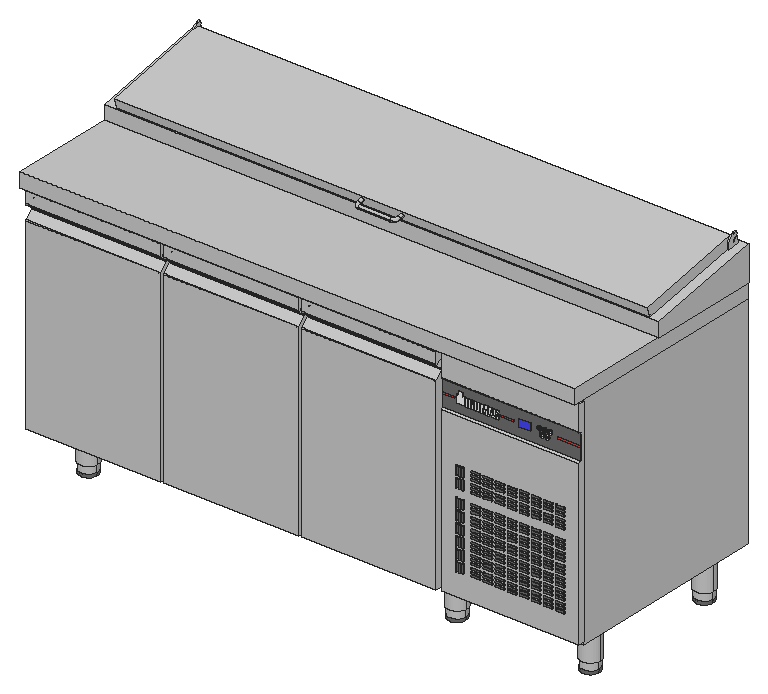
Revit family "QF_INOMAK_ZPZP999_250612092413", category Specialty Equipment, Revit 2021
Family settings
  Round Connector Dimension = Use Diameter
  Part Type = Normal
  OmniClass Number = 23.40.40.14
  OmniClass Title = Food Service Equipment
  Work Plane-Based = No
  Always vertical = Yes
  Cut with Voids When Loaded = No
  Shared = No
  Room Calculation Point = No
Parameters (values of type "ZPZP999")
  Weight [instance] = 139.00 kg
  Warranty Start Date [instance] = ""
  Warranty Duration [instance] = ""
  Volts [instance] = 230 V
  Volt Free Conn [instance] = no
  URL Recommended Spares List [instance] = ""
  URL Manufacturer [instance] = ""
  URL Cutsheet [instance] = ""
  URL Critical Spares List [instance] = ""
  URL = "www.inomak.com"
  Technical Documentation [instance] = ""
  Tag Number [instance] = ""
  Status [instance] = ""
  Start Up Current [instance] = 0 A
  Specification by User [instance] = ""
  Specification by Manufacturer [instance] = ""
  Sound Level [instance] = ""
  Show Logo [instance] = yes
  Show Clearances [instance] = yes
  Service Life Duration [instance] = ""
  Serial Number [instance] = ""
  Seismic Rating [instance] = ""
  SMACNA No [instance] = ""
  Revision Code [instance] = ""
  Revision [instance] = ""
  Production Year [instance] = ""
  Potential Equalisation [instance] = no
  Point Load [instance] = 0
  Phase [instance] = 1
  Other Equipment Approvals [instance] = ""
  Operational Current [instance] = 0 A
  Number of Poles [instance] = 2
  No Load Power Draw [instance] = no
  NAFEM Spec ID Number [instance] = ""
  Model Warning [instance] = ""
  Model = "ZPZP999"
  Min Ckt Ampacity [instance] = 0 A
  Max Overcurrent Protection [instance] = 10 A
  Masterspec [instance] = ""
  Manufacturer = "INOMAK"
  Main switch integrated [instance] = no
  Length Actual [instance] = 1792 mm
  Item Number [instance] = ""
  Installed By [instance] = ""
  Installation Date [instance] = ""
  Identify Quantity as Lot [instance] = no
  ID [instance] = ""
  Hygiene Approval [instance] = ""
  Height Actual [instance] = 1019 mm
  HP power [instance] = ""
  Furnished By [instance] = ""
  Foodservice Equipment Identifier [instance] = no
  FL Amps [instance] = 1.95 A
  Electrical Remarks [instance] = ""
  Electric power [instance] = 480 W
  Electric Connection Type [instance] = ""
  Elec Conn RI Height [instance] = 0 mm
  Elec Conn Connection Height [instance] = 0 mm
  ETL Approved [instance] = no
  Description = "ZENOBIA PREP STATION WITH STAINLESS STEEL TOP AND 3 GN 1/1 DOORS"
  Depth Actual [instance] = 700 mm
  Default Elevation = 0 mm
  Cycle [instance] = 50 Hz
  Cost = 0
  Connection to energy optimisation system [instance] = yes
  Conn Plug [instance] = ""
  Conn Conduit [instance] = no
  Centralized building control system with digital interface [instance] = ""
  CSI MasterFormat [instance] = ""
  CE Approved [instance] = no
  Barcode [instance] = 0
  Author [instance] = ""
  Asset Identifier [instance] = ""
  Apparent Power [instance] = 480 VA
  Accessory [instance] = no
Reference planes
  plane 1 "Center (Front/Back)": y = 0
  plane 2: z = 0
  plane 3 "Center (Left/Right)": x = 0
Forms (mm)
  Extrusion 1, solid, not visible
    sketch origin (1385.068, -100.005, 146.007) x (1, 0, 0) y (0, 1, 0)
      loop
        line (-2, 2) -> (-2, -2) -> (2, -2) -> (2, 2) -> (-2, 2)
    from -2 to 2
Dimensions and locks
  locked: nested 2 to Extrusion 1 at 2  (x2)
  aligned and locked: level to plane 2
Nested families
  nested 1: "QF_INOMAK_REF_COUNTERS_1792_2920" at (0, 0, 144), type "ZPZP999"
    with Weight 139.00 kg, Warranty Start Date "", Warranty Duration "", URL Cutsheet "", Technical Documentation "", Tag Number "", Status "", Specification by User "", Specification by Manufacturer "", Sound Level "", Solid Fuel Type "", Show Logo yes, Show Clearances yes, Show Clearance yes, Service Life Duration "", Serial Number "", Seismic Rating "", SMACNA No "", Revision Code "", Revision "", Production Year "", Point Load 0, Other Equipment Approvals "", NAFEM Spec ID Number "", Model Warning "", Masterspec "", Length Actual 1792 mm, Item Number "", Installed By "", Installation Date "", Identify Quantity as Lot yes, ID "", Hygiene Approval "", Height Actual 1019 mm, Furnished By "", Foodservice Equipment Identifier yes, Finish none, ETL Approved yes, Depth Actual 700 mm, CSI MasterFormat "", CE Approved yes, Barcode "", Author "", Asset Identifier "", Accessory no
  nested 2: "CONN_POINT_ELE_2D___Generic_Annotation" at (1385.068, -100.005, 144.007), type "CONN_POINT_ELE_2D___Generic_Annotation"
    with Onboard connection annotation symbol visibility yes
  nested 3: "QF_INOMAK_REF_SALADETTE_WORKTOPS_PS_7112" at (0, 0, 854), type "WTPS-1792-700"
    with Worktop thickness 46 mm, Weight 0.00 kg, Warranty Start Date "", Warranty Duration "", URL Cutsheet "", Technical Documentation "", Tag Number "", Status "", Specification by User "", Specification by Manufacturer "", Sound Level "", Solid Fuel Type "", Show Logo yes, Show Clearances yes, Service Life Duration "", Serial Number "", Seismic Rating "", SMACNA No "", Revision Code "", Revision "", Production Year "", Point Load 0, Other Equipment Approvals "", NAFEM Spec ID Number "", Model Warning "", Masterspec "", Length Actual 1792 mm, Item Number "", Installed By "", Installation Date "", Identify Quantity as Lot yes, ID "", Hygiene Approval "", Height Actual 46 mm, Height AFF 0 mm, Furnished By "", Foodservice Equipment Identifier yes, Finish none, ETL Approved yes, Depth Actual 700 mm, CSI MasterFormat "", CE Approved yes, Barcode "", Author "", Asset Identifier "", Accessory yes
  nested 4: "QF_INOMAK_REF_COUNTERS_LEGS_9098" at (0, 0, 0), type "LG-1790-700"
    with Weight 0.00 kg, Warranty Start Date "", Warranty Duration "", URL Cutsheet "", Technical Documentation "", Tag Number "", Status "", Specification by User "", Specification by Manufacturer "", Sound Level "", Solid Fuel Type "", Show Logo yes, Show Clearances yes, Service Life Duration "", Serial Number "", Seismic Rating "", SMACNA No "", Revision Code "", Revision "", Production Year "", Point Load 0, Other Equipment Approvals "", NAFEM Spec ID Number "", Model Warning "", Masterspec "", Length Actual 1792 mm, Legs inset right 70 mm, Legs inset rear 90 mm, Legs inset left 100 mm, Legs inset front 150 mm, Item Number "", Installed By "", Installation Date "", Identify Quantity as Lot yes, ID "", Hygiene Approval "", Height Actual 144 mm, Furnished By "", Foodservice Equipment Identifier yes, ETL Approved yes, Depth Actual 700 mm, CentralLegs no, CSI MasterFormat "", CE Approved yes, Barcode "", Author "", Asset Identifier "", Accessory yes
Connectors
  electrical at (1385.068, -100.005, 144.007), driven by "Apparent Power", driven by "Number of Poles", driven by "Volts"
    settings: on Extrusion 1, index 1, voltage 230 V, apparent load 0 VA, apparent load phase1 480 VA, apparent load phase2 0 VA, apparent load phase3 0 VA, power factor 1, load classification "Other", number of poles 2, system type 31, power factor state 1, is connector primary yes, connector utility no, sub classification motor no, connector description "Electrical connection for ZPZP999"
Definition of nested family "QF_INOMAK_REF_COUNTERS_1792_2920"
  Parameters (values of type "ZPZP999")
    Weight [instance] = 0.00 kg
    Warranty Start Date [instance] = ""
    Warranty Duration [instance] = ""
    URL Cutsheet [instance] = ""
    URL = "www.inomak.com"
    Technical Documentation [instance] = ""
    Tag Number [instance] = ""
    Status [instance] = ""
    Specification by User [instance] = ""
    Specification by Manufacturer [instance] = ""
    Sound Level [instance] = ""
    Solid Fuel Type [instance] = ""
    Show Logo [instance] = yes
    Show Clearances [instance] = yes
    Show Clearance [instance] = yes
    Service Life Duration [instance] = ""
    Serial Number [instance] = ""
    Seismic Rating [instance] = ""
    SMACNA No [instance] = ""
    Revision Code [instance] = ""
    Revision [instance] = ""
    Production Year [instance] = ""
    Point Load [instance] = 0
    Other Equipment Approvals [instance] = ""
    NAFEM Spec ID Number [instance] = ""
    Model Warning [instance] = ""
    Model = "ZPZP999"
    Masterspec [instance] = ""
    Manufacturer = "INOMAK"
    Length Actual [instance] = 0 mm
    Length = 1792 mm
    Item Number [instance] = ""
    Installed By [instance] = ""
    Installation Date [instance] = ""
    Identify Quantity as Lot [instance] = yes
    ID [instance] = ""
    Hygiene Approval [instance] = ""
    Height Actual [instance] = 0 mm
    Height = 710 mm
    Furnished By [instance] = ""
    Foodservice Equipment Identifier [instance] = yes
    Finish [instance] = none
    ETL Approved [instance] = yes
    Description = "ZENOBIA PREP STATION WITH STAINLESS STEEL TOP AND 3 GN 1/1 DOORS"
    Depth Actual [instance] = 0 mm
    Depth = 700 mm
    Default Elevation = 0 mm
    CSI MasterFormat [instance] = ""
    CE Approved [instance] = yes
    Barcode [instance] = ""
    Author [instance] = ""
    Asset Identifier [instance] = ""
    Assembly Code = "E1090320"
    Accessory [instance] = yes
  Reference planes
    plane 1 "Back": y = 0
    plane 2: z = 0
    plane 3 "Left": x = 0
    plane 4 "Right": x = 1792
    plane 5 "Front": y = -700
    plane 6 "Top": z = 710
  Forms (mm)
    Extrusion 1, solid, material <- "Finish"
      sketch origin (0, 0, 0) x (1, 0, 0) y (0, 1, 0)
        loop
          line (0, -648) -> (30, -648) -> (30, -30) -> (1317, -30) -> (1317, -648) -> (1347, -648) -> (1347, -665) -> (1792, -665) -> (1792, 0) -> (0, 0) -> (0, -648)
      from 0 to 710
    Extrusion 2, solid, material <- "Finish"
      sketch origin (0, 0, 0) x (1, 0, 0) y (0, 1, 0)
        loop
          line (30, -30) -> (30, -648) -> (1317, -648) -> (1317, -30) -> (30, -30)
      from 0 to 45
    Extrusion 3, solid, material <- "Finish"
      sketch origin (0, 0, 710) x (0, 1, 0) y (-1, 0, 0)
        loop
          line (-30, -30) -> (-648, -30) -> (-648, -1317) -> (-30, -1317) -> (-30, -30)
      from 0 to -30
    Extrusion 4, solid, material <- "Finish"
      sketch origin (1792, 0, 0) x (0, -1, 0) y (0, 0, 1)
        loop
          line (683.05, 705) -> (665, 705) -> (665, 10) -> (683.05, 10) -> (683.05, 532.058) -> (676.05, 539.058) -> (676.05, 618.864) -> (683.05, 625.864) -> (683.05, 705)
      from 0 to 445
    Extrusion 5, solid
      sketch origin (0, -700, 0) x (-1, 0, 0) y (0, 0, 1)
        loop
          circle (-1658.654, 586.73) r 6.965
        loop
          circle (-1675.685, 586.73) r 6.965
        loop
          circle (-1692.694, 586.73) r 6.965
        loop
          circle (-1667.18, 568.729) r 6.965
        loop
          circle (-1684.189, 568.729) r 6.965
        loop
          circle (-1658.654, 586.73) r 3.965
        loop
          circle (-1675.685, 586.73) r 3.965
        loop
          circle (-1692.694, 586.73) r 3.965
        loop
          circle (-1667.18, 568.729) r 3.965
        loop
          circle (-1684.189, 568.729) r 3.965
      from 23 to 25.5
    Extrusion 6, solid
      sketch origin (0, -700, 0) x (-1, 0, 0) y (0, 0, 1)
        loop
          line (-1630.865, 590.461) -> (-1630.865, 567.461) -> (-1590.865, 567.461) -> (-1590.865, 590.461) -> (-1630.865, 590.461)
      from 23 to 25.5
    Extrusion 7, solid
      sketch origin (0, -700, 0) x (-1, 0, 0) y (0, 0, 1)
        loop
          line (-1347, 618.864) -> (-1792, 618.864) -> (-1792, 539.058) -> (-1347, 539.058) -> (-1347, 618.864)
      from 23.5 to 25.5
    Extrusion 8, solid, visible <- "Show Logo"
      sketch origin (0, -700, 0) x (-1, 0, 0) y (0, 0, 1)
        loop
          line (-1391.061, 591.01) -> (-1397.061, 591.01) -> (-1397.061, 602.118) -> (-1411.298, 602.118) -> (-1411.298, 591.01) -> (-1417.298, 591.01) -> (-1417.298, 564.76) -> (-1391.061, 564.76) -> (-1391.061, 591.01)
        loop
          line (-1421.613, 590.698) -> (-1428.903, 590.698) -> (-1428.903, 564.76) -> (-1421.613, 564.76) -> (-1421.613, 590.698)
        loop
          line (-1431.422, 564.76) -> (-1431.422, 590.698) -> (-1438.256, 590.698) -> (-1441.449, 578.78) -> (-1441.449, 590.698) -> (-1447.982, 590.698) -> (-1447.982, 564.76) -> (-1441.449, 564.76) -> (-1437.735, 578.623) -> (-1437.735, 564.76) -> (-1431.422, 564.76)
        loop
          line (-1468.664, 564.76) -> (-1468.664, 590.698) -> (-1477.626, 590.698) -> (-1479.988, 576.688) -> (-1482.35, 590.698) -> (-1491.312, 590.698) -> (-1491.312, 564.76) -> (-1484.687, 564.76) -> (-1484.687, 578.623) -> (-1482.35, 564.76) -> (-1477.626, 564.76) -> (-1475.289, 578.623) -> (-1475.289, 564.76) -> (-1468.664, 564.76)
        loop
          line (-1453.851, 590.698) -> (-1463.176, 590.698)
          arc (-1463.176, 590.698) -> (-1465.773, 589.622) -> (-1466.849, 587.026) r 3.672
          line (-1466.849, 587.026) -> (-1466.849, 568.433)
          arc (-1466.849, 568.433) -> (-1465.773, 565.836) -> (-1463.176, 564.76) r 3.672
          line (-1463.176, 564.76) -> (-1453.851, 564.76)
          arc (-1453.851, 564.76) -> (-1451.255, 565.836) -> (-1450.179, 568.433) r 3.672
          line (-1450.179, 568.433) -> (-1450.179, 587.026)
          arc (-1450.179, 587.026) -> (-1451.255, 589.622) -> (-1453.851, 590.698) r 3.672
        loop
          arc (-1457.487, 587.542) -> (-1458.514, 588.569) -> (-1459.541, 587.542) r 1.027
          line (-1459.541, 587.542) -> (-1459.541, 568.949)
          arc (-1459.541, 568.949) -> (-1458.514, 567.922) -> (-1457.487, 568.949) r 1.027
          line (-1457.487, 568.949) -> (-1457.487, 587.542)
        loop
          line (-1492.382, 564.76) -> (-1496.755, 590.698) -> (-1505.615, 590.698) -> (-1509.988, 564.76) -> (-1503.461, 564.76) -> (-1502.852, 569.723) -> (-1499.518, 569.723) -> (-1498.909, 564.76) -> (-1492.382, 564.76)
        loop
          line (-1500.074, 574.252) -> (-1501.185, 583.299) -> (-1502.296, 574.252) -> (-1500.074, 574.252)
        loop
          line (-1510.954, 564.76) -> (-1510.954, 590.698) -> (-1517.579, 590.698) -> (-1517.579, 581.585) -> (-1520.365, 590.698) -> (-1527.803, 590.698) -> (-1523.474, 579.422) -> (-1528.522, 564.76) -> (-1520.939, 564.76) -> (-1517.579, 577.3) -> (-1517.579, 564.76) -> (-1510.954, 564.76)
      from 23 to 25.5
    Extrusion 9, solid
      sketch origin (0, -700, 0) x (-1, 0, 0) y (0, 0, 1)
        loop
          line (-1347, 580.961) -> (-1383.995, 580.961) -> (-1383.995, 576.961) -> (-1347, 576.961) -> (-1347, 580.961)
        loop
          line (-1532, 580.961) -> (-1576.365, 580.961) -> (-1576.365, 576.961) -> (-1532, 576.961) -> (-1532, 580.961)
        loop
          line (-1792, 580.961) -> (-1792, 576.961) -> (-1718.755, 576.961) -> (-1718.755, 580.961) -> (-1792, 580.961)
      from 23 to 25.5
    Extrusion 10, solid, material <- "Finish"
      sketch origin (446, 0, 0) x (0, -1, 0) y (0, 0, -1)
        loop
          line (690, -10) -> (648, -10) -> (648, -700) -> (690, -700) -> (690, -661.747)
          arc (690, -661.747) -> (688.671, -659.935) -> (686.544, -660.657) r 1.9
          line (686.544, -660.657) -> (680.029, -669.961) -> (668.119, -669.961)
          arc (668.119, -669.961) -> (666.433, -669.262) -> (665.734, -667.576) r 2.385
          line (665.734, -667.576) -> (665.734, -640.672)
          arc (665.734, -640.672) -> (665.976, -639.458) -> (666.663, -638.429) r 3.172
          line (666.663, -638.429) -> (689.485, -615.607)
          arc (689.485, -615.607) -> (689.866, -615.037) -> (690, -614.365) r 1.757
          line (690, -614.365) -> (690, -10)
      from 0 to -435
    Extrusion 11, solid, visible <- "Show Clearance", detail levels coarse
      sketch origin (446, -700, 10) x (-1, 0, 0) y (0, 1, 0)
        loop
          line (435, 10) -> (0, 10)
          arc (0, 10) -> (134.757, -285.109) -> (435, -408) r 440.665
          line (435, -408) -> (435, 10)
      from 0 to -690
    Extrusion 12, solid, material <- "Finish"
      sketch origin (891, 0, 0) x (0, -1, 0) y (0, 0, -1)
        loop
          line (690, -10) -> (648, -10) -> (648, -700) -> (690, -700) -> (690, -661.747)
          arc (690, -661.747) -> (688.671, -659.935) -> (686.544, -660.657) r 1.9
          line (686.544, -660.657) -> (680.029, -669.961) -> (668.119, -669.961)
          arc (668.119, -669.961) -> (666.433, -669.262) -> (665.734, -667.576) r 2.385
          line (665.734, -667.576) -> (665.734, -640.672)
          arc (665.734, -640.672) -> (665.976, -639.458) -> (666.663, -638.429) r 3.172
          line (666.663, -638.429) -> (689.485, -615.607)
          arc (689.485, -615.607) -> (689.866, -615.037) -> (690, -614.365) r 1.757
          line (690, -614.365) -> (690, -10)
      from 0 to -435
    Extrusion 13, solid, visible <- "Show Clearance", detail levels coarse
      sketch origin (891, -700, 10) x (-1, 0, 0) y (0, 1, 0)
        loop
          line (435, 10) -> (0, 10)
          arc (0, 10) -> (134.757, -285.109) -> (435, -408) r 440.665
          line (435, -408) -> (435, 10)
      from 0 to -690
    Extrusion 14, solid, material <- "Finish"
      sketch origin (901, 0, 0) x (0, -1, 0) y (0, 0, 1)
        loop
          line (690, 10) -> (690, 614.365)
          arc (690, 614.365) -> (689.866, 615.037) -> (689.485, 615.607) r 1.757
          line (689.485, 615.607) -> (666.663, 638.429)
          arc (666.663, 638.429) -> (665.976, 639.458) -> (665.734, 640.672) r 3.172
          line (665.734, 640.672) -> (665.734, 667.576)
          arc (665.734, 667.576) -> (666.433, 669.262) -> (668.119, 669.961) r 2.385
          line (668.119, 669.961) -> (680.029, 669.961) -> (686.544, 660.657)
          arc (686.544, 660.657) -> (688.671, 659.935) -> (690, 661.747) r 1.9
          line (690, 661.747) -> (690, 700) -> (648, 700) -> (648, 10) -> (690, 10)
      from 0 to -435
    Extrusion 15, solid, visible <- "Show Clearance", detail levels coarse
      sketch origin (901, -700, 10) x (-1, 0, 0) y (0, 1, 0)
        loop
          line (-435, 10) -> (-435, -408)
          arc (-435, -408) -> (-134.757, -285.109) -> (0, 10) r 440.665
          line (0, 10) -> (-435, 10)
      from 0 to -690
  Cuts and joins
    joined: Extrusion 1, Extrusion 2, Extrusion 3
  Lines and regions (mm)
    symbolic lines, visible <- "Show Clearance"
      curve 1: line (0, 0, 0) -> (1792, 0, 0)
      curve 2: line (1792, 0, 0) -> (1792, -700, 0)
      curve 3: line (1792, -700, 0) -> (0, -700, 0)
      curve 4: line (0, -700, 0) -> (0, 0, 0)
      curve 5: line (11, -1108, 0) -> (11, -700, 0)
      curve 6: arc (11, -1108, 0) -> (307.611, -988.559, 0) -> (445.372, -700, 0) r 440.665
      curve 7: line (456, -1108, 0) -> (456, -700, 0)
      curve 8: arc (456, -1108, 0) -> (752.611, -988.559, 0) -> (890.372, -700, 0) r 440.665
      curve 9: line (1336, -1108, 0) -> (1336, -700, 0)
      curve 10: arc (1336, -1108, 0) -> (1039.389, -988.559, 0) -> (901.628, -700, 0) r 440.665
  Dimensions and locks
    "Length": plane 3 "Left" to plane 4 "Right"
    "Depth": plane 5 "Front" to plane 1 "Back"
    "Height": plane 6 "Top" to plane 2
    aligned and locked: level to plane 2
    aligned and locked: plane 6 "Top" to Extrusion 1
    aligned and locked: nested 1 to plane 4 "Right"
    aligned and locked: plane 5 "Front" to nested 1
    aligned and locked: curve 5 to Extrusion 11
    aligned and locked: curve 7 to Extrusion 13
    aligned and locked: curve 9 to Extrusion 15
    aligned and locked: plane 5 "Front" to curve 3
  Automatic sketch dimensions
    plane 1 "Back" to curve 1 = 0 mm
    curve 1 to plane 3 "Left" = 0 mm
    curve 2 to plane 4 "Right" = 0 mm
    plane 3 "Left" to curve 6 = 5.917 mm
    curve 8 to curve 7 = 5.083 mm
    curve 9 to curve 10 = 5.083 mm
    curve 7 to curve 7 = 408 mm
    curve 9 to plane 5 "Front" = 408 mm
    curve 5 to curve 5 = 408 mm
    plane 5 "Front" to curve 10 = 32.635 mm
    plane 5 "Front" to curve 8 = 32.635 mm
    plane 5 "Front" to curve 6 = 32.635 mm
    Extrusion 1 sketch curve to plane 3 "Left" = 0 mm
    plane 1 "Back" to Extrusion 1 sketch curve = 0 mm
    Extrusion 1 sketch curve to plane 4 "Right" = 0 mm
    plane 3 "Left" to Extrusion 1 sketch curve = 30 mm
    plane 1 "Back" to Extrusion 1 sketch curve = 30 mm
    plane 4 "Right" to Extrusion 1 sketch curve = 475 mm
    Extrusion 1 sketch curve to Extrusion 1 sketch curve = 30 mm
    plane 5 "Front" to Extrusion 1 sketch curve = 52 mm  (x2)
    plane 5 "Front" to Extrusion 1 sketch curve = 35 mm
    plane 3 "Left" to Extrusion 2 sketch curve = 30 mm
    plane 5 "Front" to Extrusion 2 sketch curve = 52 mm
    plane 4 "Right" to Extrusion 2 sketch curve = 475 mm
    plane 1 "Back" to Extrusion 2 sketch curve = 30 mm
    plane 5 "Front" to Extrusion 3 sketch curve = 52 mm
    plane 1 "Back" to Extrusion 3 sketch curve = 30 mm
    plane 4 "Right" to Extrusion 3 sketch curve = 475 mm
    plane 3 "Left" to Extrusion 3 sketch curve = 30 mm
    Extrusion 4 sketch curve to plane 6 "Top" = 5 mm
    plane 5 "Front" to Extrusion 4 sketch curve = 35 mm
    plane 5 "Front" to Extrusion 4 sketch curve = 23.95 mm
    Extrusion 4 sketch curve to Extrusion 4 sketch curve = 7 mm  (x4)
    Extrusion 4 sketch curve to Extrusion 4 sketch curve = 79.136 mm
    Extrusion 4 sketch curve to Extrusion 4 sketch curve = 79.807 mm
    level to Extrusion 4 sketch curve = 10 mm
    Extrusion 5 sketch curve to Extrusion 5 sketch curve = 0 mm  (x13)
    plane 4 "Right" to Extrusion 5 sketch curve = 99.306 mm
    Extrusion 5 sketch curve to Extrusion 5 sketch curve = 8.505 mm
    Extrusion 5 sketch curve to Extrusion 5 sketch curve = 17.009 mm  (x2)
    Extrusion 5 sketch curve to Extrusion 5 sketch curve = 17.03 mm
    Extrusion 5 sketch curve to plane 6 "Top" = 141.271 mm
    Extrusion 5 sketch curve to Extrusion 5 sketch curve = 18.001 mm
    plane 4 "Right" to Extrusion 6 sketch curve = 161.135 mm
    Extrusion 6 sketch curve to Extrusion 6 sketch curve = 40 mm
    Extrusion 6 sketch curve to plane 6 "Top" = 142.539 mm
    Extrusion 6 sketch curve to Extrusion 6 sketch curve = 23 mm
    plane 4 "Right" to Extrusion 7 sketch curve = 0 mm
    Extrusion 7 sketch curve to plane 6 "Top" = 170.942 mm
    plane 4 "Right" to Extrusion 7 sketch curve = 445 mm
    Extrusion 7 sketch curve to Extrusion 7 sketch curve = 79.807 mm
    plane 4 "Right" to Extrusion 8 sketch curve = 263.478 mm
    Extrusion 8 sketch curve to Extrusion 8 sketch curve = 0.72 mm
    Extrusion 8 sketch curve to plane 6 "Top" = 130.578 mm
    Extrusion 8 sketch curve to Extrusion 8 sketch curve = 4.329 mm
    Extrusion 8 sketch curve to Extrusion 8 sketch curve = 7.584 mm
    Extrusion 8 sketch curve to plane 6 "Top" = 119.302 mm  (x2)
    Extrusion 8 sketch curve to Extrusion 8 sketch curve = 7.438 mm
    Extrusion 8 sketch curve to plane 6 "Top" = 132.7 mm
    Extrusion 8 sketch curve to Extrusion 8 sketch curve = 5.895 mm
    Extrusion 8 sketch curve to plane 6 "Top" = 128.415 mm
    Extrusion 8 sketch curve to Extrusion 8 sketch curve = 0 mm  (x11)
    Extrusion 8 sketch curve to Extrusion 8 sketch curve = 6.625 mm  (x2)
    Extrusion 8 sketch curve to Extrusion 8 sketch curve = 0.965 mm
    Extrusion 8 sketch curve to Extrusion 8 sketch curve = 5.338 mm
    Extrusion 8 sketch curve to Extrusion 8 sketch curve = 6.527 mm  (x2)
    Extrusion 8 sketch curve to plane 6 "Top" = 140.277 mm
    Extrusion 8 sketch curve to Extrusion 8 sketch curve = 0.609 mm
    Extrusion 8 sketch curve to plane 6 "Top" = 135.748 mm
    Extrusion 8 sketch curve to Extrusion 8 sketch curve = 0.556 mm
    Extrusion 8 sketch curve to plane 6 "Top" = 126.701 mm
    Extrusion 8 sketch curve to Extrusion 8 sketch curve = 4.43 mm  (x2)
    Extrusion 8 sketch curve to Extrusion 8 sketch curve = 2.222 mm
    Extrusion 8 sketch curve to Extrusion 8 sketch curve = 3.334 mm
    Extrusion 8 sketch curve to Extrusion 8 sketch curve = 4.552 mm
    Extrusion 8 sketch curve to plane 6 "Top" = 145.24 mm  (x2)
    Extrusion 8 sketch curve to Extrusion 8 sketch curve = 1.069 mm
    Extrusion 8 sketch curve to plane 6 "Top" = 131.377 mm  (x2)
    Extrusion 8 sketch curve to Extrusion 8 sketch curve = 8.962 mm  (x2)
    Extrusion 8 sketch curve to Extrusion 8 sketch curve = 2.337 mm
    Extrusion 8 sketch curve to plane 6 "Top" = 133.312 mm
    Extrusion 8 sketch curve to Extrusion 8 sketch curve = 4.699 mm  (x2)
    Extrusion 8 sketch curve to Extrusion 8 sketch curve = 4.724 mm  (x2)
    Extrusion 8 sketch curve to Extrusion 8 sketch curve = 1.815 mm
    Extrusion 8 sketch curve to Extrusion 8 sketch curve = 3.672 mm  (x8)
    Extrusion 8 sketch curve to Extrusion 8 sketch curve = 3.636 mm  (x3)
    Extrusion 8 sketch curve to Extrusion 8 sketch curve = 1.027 mm
    Extrusion 8 sketch curve to Extrusion 8 sketch curve = 2.197 mm
    Extrusion 8 sketch curve to Extrusion 8 sketch curve = 6.532 mm  (x2)
    Extrusion 8 sketch curve to Extrusion 8 sketch curve = 3.194 mm
    Extrusion 8 sketch curve to Extrusion 8 sketch curve = 3.714 mm
    Extrusion 8 sketch curve to Extrusion 8 sketch curve = 6.313 mm
    Extrusion 8 sketch curve to Extrusion 8 sketch curve = 2.52 mm
    Extrusion 8 sketch curve to Extrusion 8 sketch curve = 7.29 mm
    Extrusion 8 sketch curve to Extrusion 8 sketch curve = 4.315 mm
    Extrusion 8 sketch curve to Extrusion 8 sketch curve = 6 mm
    Extrusion 8 sketch curve to Extrusion 8 sketch curve = 14.237 mm
    Extrusion 8 sketch curve to Extrusion 8 sketch curve = 26.237 mm
    Extrusion 8 sketch curve to Extrusion 8 sketch curve = 14.661 mm
    Extrusion 8 sketch curve to Extrusion 8 sketch curve = 4.963 mm
    Extrusion 8 sketch curve to Extrusion 8 sketch curve = 0.516 mm  (x2)
    Extrusion 8 sketch curve to Extrusion 8 sketch curve = 13.862 mm
    Extrusion 8 sketch curve to Extrusion 8 sketch curve = 0.157 mm
    Extrusion 8 sketch curve to Extrusion 8 sketch curve = 26.25 mm
    Extrusion 8 sketch curve to Extrusion 8 sketch curve = 0.312 mm
    Extrusion 8 sketch curve to Extrusion 8 sketch curve = 11.107 mm
    plane 4 "Right" to Extrusion 9 sketch curve = 0 mm
    Extrusion 9 sketch curve to Extrusion 9 sketch curve = 73.245 mm
    Extrusion 9 sketch curve to Extrusion 9 sketch curve = 142.39 mm
    Extrusion 9 sketch curve to Extrusion 9 sketch curve = 44.365 mm
    Extrusion 9 sketch curve to Extrusion 9 sketch curve = 148.005 mm
    Extrusion 9 sketch curve to Extrusion 9 sketch curve = 36.995 mm
    Extrusion 9 sketch curve to plane 6 "Top" = 133.039 mm  (x3)
    Extrusion 9 sketch curve to Extrusion 9 sketch curve = 4 mm  (x3)
    level to Extrusion 10 sketch curve = 10 mm
    plane 5 "Front" to Extrusion 10 sketch curve = 52 mm
    plane 5 "Front" to Extrusion 10 sketch curve = 34.266 mm
    Extrusion 10 sketch curve to Extrusion 10 sketch curve = 0.929 mm
    Extrusion 10 sketch curve to Extrusion 10 sketch curve = 2.385 mm
    Extrusion 10 sketch curve to Extrusion 10 sketch curve = 3.172 mm
    Extrusion 10 sketch curve to Extrusion 10 sketch curve = 11.91 mm
    Extrusion 10 sketch curve to Extrusion 10 sketch curve = 6.515 mm
    Extrusion 10 sketch curve to Extrusion 10 sketch curve = 1.556 mm
    plane 5 "Front" to Extrusion 10 sketch curve = 11.757 mm
    Extrusion 10 sketch curve to Extrusion 10 sketch curve = 1.242 mm
    Extrusion 10 sketch curve to Extrusion 10 sketch curve = 1.9 mm
    Extrusion 10 sketch curve to Extrusion 10 sketch curve = 0.515 mm
    Extrusion 10 sketch curve to plane 6 "Top" = 95.635 mm
    Extrusion 10 sketch curve to Extrusion 10 sketch curve = 22.822 mm
    Extrusion 10 sketch curve to Extrusion 10 sketch curve = 19.985 mm
    Extrusion 10 sketch curve to Extrusion 10 sketch curve = 6.919 mm
    Extrusion 10 sketch curve to plane 6 "Top" = 10 mm
    plane 3 "Left" to Extrusion 11 sketch curve = 11 mm
    plane 5 "Front" to Extrusion 11 sketch curve = 10 mm
    Extrusion 11 sketch curve to Extrusion 11 sketch curve = 435 mm
    plane 3 "Left" to Extrusion 11 sketch curve = 5.917 mm
    Extrusion 11 sketch curve to Extrusion 11 sketch curve = 22.635 mm
    level to Extrusion 12 sketch curve = 10 mm
    plane 5 "Front" to Extrusion 12 sketch curve = 52 mm
    plane 5 "Front" to Extrusion 12 sketch curve = 34.266 mm
    Extrusion 12 sketch curve to Extrusion 12 sketch curve = 0.929 mm
    Extrusion 12 sketch curve to Extrusion 12 sketch curve = 2.385 mm
    Extrusion 12 sketch curve to Extrusion 12 sketch curve = 3.172 mm
    Extrusion 12 sketch curve to Extrusion 12 sketch curve = 11.91 mm
    Extrusion 12 sketch curve to Extrusion 12 sketch curve = 6.515 mm
    Extrusion 12 sketch curve to Extrusion 12 sketch curve = 1.556 mm
    plane 5 "Front" to Extrusion 12 sketch curve = 11.757 mm
    Extrusion 12 sketch curve to Extrusion 12 sketch curve = 1.242 mm
    Extrusion 12 sketch curve to Extrusion 12 sketch curve = 1.9 mm
    Extrusion 12 sketch curve to Extrusion 12 sketch curve = 0.515 mm
    Extrusion 12 sketch curve to plane 6 "Top" = 95.635 mm
    Extrusion 12 sketch curve to Extrusion 12 sketch curve = 22.822 mm
    Extrusion 12 sketch curve to Extrusion 12 sketch curve = 19.985 mm
    Extrusion 12 sketch curve to Extrusion 12 sketch curve = 6.919 mm
    Extrusion 12 sketch curve to plane 6 "Top" = 10 mm
    plane 5 "Front" to Extrusion 13 sketch curve = 10 mm
    plane 3 "Left" to Extrusion 13 sketch curve = 891 mm
    Extrusion 13 sketch curve to Extrusion 13 sketch curve = 435 mm
    Extrusion 13 sketch curve to Extrusion 13 sketch curve = 5.083 mm
    Extrusion 13 sketch curve to Extrusion 13 sketch curve = 22.635 mm
    level to Extrusion 14 sketch curve = 10 mm
    plane 5 "Front" to Extrusion 14 sketch curve = 52 mm
    plane 5 "Front" to Extrusion 14 sketch curve = 34.266 mm
    Extrusion 14 sketch curve to Extrusion 14 sketch curve = 0.929 mm
    Extrusion 14 sketch curve to Extrusion 14 sketch curve = 2.385 mm
    Extrusion 14 sketch curve to Extrusion 14 sketch curve = 3.172 mm
    Extrusion 14 sketch curve to Extrusion 14 sketch curve = 11.91 mm
    Extrusion 14 sketch curve to Extrusion 14 sketch curve = 6.515 mm
    Extrusion 14 sketch curve to Extrusion 14 sketch curve = 1.556 mm
    plane 5 "Front" to Extrusion 14 sketch curve = 11.757 mm
    Extrusion 14 sketch curve to Extrusion 14 sketch curve = 1.242 mm
    Extrusion 14 sketch curve to Extrusion 14 sketch curve = 1.9 mm
    Extrusion 14 sketch curve to Extrusion 14 sketch curve = 0.515 mm
    Extrusion 14 sketch curve to plane 6 "Top" = 95.635 mm
    Extrusion 14 sketch curve to Extrusion 14 sketch curve = 22.822 mm
    Extrusion 14 sketch curve to Extrusion 14 sketch curve = 19.985 mm
    Extrusion 14 sketch curve to Extrusion 14 sketch curve = 6.919 mm
    Extrusion 14 sketch curve to plane 6 "Top" = 10 mm
    plane 5 "Front" to Extrusion 15 sketch curve = 32.635 mm
    plane 4 "Right" to Extrusion 15 sketch curve = 450.917 mm
    Extrusion 15 sketch curve to Extrusion 15 sketch curve = 5.083 mm
    plane 5 "Front" to Extrusion 15 sketch curve = 10 mm
    Extrusion 15 sketch curve to Extrusion 15 sketch curve = 435 mm
    radius of Extrusion 5 sketch curve = 6.965 mm  (x5)
    radius of Extrusion 5 sketch curve = 3.965 mm  (x5)
  Nested families
    nested 1: "QF_INOMAK_CONRTOL-PANEL" at (1792, 0, 0), type "PNRP9999"
      with Show Clearance yes
  Definition of nested family "QF_INOMAK_CONRTOL-PANEL"
    Parameters (values of type "PNRP9999")
      URL = ""
      Show Logo = yes
      Show Clearance [instance] = yes
      Model = ""
      Manufacturer = ""
      Length = 0 mm
      Height = 710 mm
      Front offset = 80 mm
      Description = ""
      Depth = 700 mm
      Default Elevation = 0 mm
      Assembly Code = ""
    Reference planes
      plane 1 "Back": y = 0
      plane 2: z = 0
      plane 3 "Left": x = 0
      plane 4 "Right": x = 0
      plane 5 "Front": y = -700
      plane 6 "Top": z = 710
      plane 7 "Front offset": y = -620
    Forms (mm)
      Extrusion 1, solid
        sketch origin (-2240, -700, 0) x (-1, 0, 0) y (0, 0, 1)
          loop
            arc (-2191.4, 389.855) -> (-2194.4, 386.855) -> (-2191.4, 383.855) r 3
            line (-2191.4, 383.855) -> (-2167.4, 383.855)
            arc (-2167.4, 383.855) -> (-2164.4, 386.855) -> (-2167.4, 389.855) r 3
            line (-2167.4, 389.855) -> (-2191.4, 389.855)
          loop
            arc (-2152.4, 389.855) -> (-2155.4, 386.855) -> (-2152.4, 383.855) r 3
            line (-2152.4, 383.855) -> (-2128.4, 383.855)
            arc (-2128.4, 383.855) -> (-2125.4, 386.855) -> (-2128.4, 389.855) r 3
            line (-2128.4, 389.855) -> (-2152.4, 389.855)
          loop
            arc (-2113.4, 389.855) -> (-2116.4, 386.855) -> (-2113.4, 383.855) r 3
            line (-2113.4, 383.855) -> (-2089.4, 383.855)
            arc (-2089.4, 383.855) -> (-2086.4, 386.855) -> (-2089.4, 389.855) r 3
            line (-2089.4, 389.855) -> (-2113.4, 389.855)
          loop
            arc (-2074.4, 389.855) -> (-2077.4, 386.855) -> (-2074.4, 383.855) r 3
            line (-2074.4, 383.855) -> (-2050.4, 383.855)
            arc (-2050.4, 383.855) -> (-2047.4, 386.855) -> (-2050.4, 389.855) r 3
            line (-2050.4, 389.855) -> (-2074.4, 389.855)
          loop
            arc (-2035.4, 389.855) -> (-2038.4, 386.855) -> (-2035.4, 383.855) r 3
            line (-2035.4, 383.855) -> (-2011.4, 383.855)
            arc (-2011.4, 383.855) -> (-2008.4, 386.855) -> (-2011.4, 389.855) r 3
            line (-2011.4, 389.855) -> (-2035.4, 389.855)
          loop
            arc (-1996.4, 389.855) -> (-1999.4, 386.855) -> (-1996.4, 383.855) r 3
            line (-1996.4, 383.855) -> (-1972.4, 383.855)
            arc (-1972.4, 383.855) -> (-1969.4, 386.855) -> (-1972.4, 389.855) r 3
            line (-1972.4, 389.855) -> (-1996.4, 389.855)
          loop
            arc (-1957.4, 389.855) -> (-1960.4, 386.855) -> (-1957.4, 383.855) r 3
            line (-1957.4, 383.855) -> (-1933.4, 383.855)
            arc (-1933.4, 383.855) -> (-1930.4, 386.855) -> (-1933.4, 389.855) r 3
            line (-1933.4, 389.855) -> (-1957.4, 389.855)
          loop
            arc (-1918.4, 389.855) -> (-1921.4, 386.855) -> (-1918.4, 383.855) r 3
            line (-1918.4, 383.855) -> (-1894.4, 383.855)
            arc (-1894.4, 383.855) -> (-1891.4, 386.855) -> (-1894.4, 389.855) r 3
            line (-1894.4, 389.855) -> (-1918.4, 389.855)
          loop
            arc (-2191.4, 378.855) -> (-2194.4, 375.855) -> (-2191.4, 372.855) r 3
            line (-2191.4, 372.855) -> (-2167.4, 372.855)
            arc (-2167.4, 372.855) -> (-2164.4, 375.855) -> (-2167.4, 378.855) r 3
            line (-2167.4, 378.855) -> (-2191.4, 378.855)
          loop
            arc (-2152.4, 378.855) -> (-2155.4, 375.855) -> (-2152.4, 372.855) r 3
            line (-2152.4, 372.855) -> (-2128.4, 372.855)
            arc (-2128.4, 372.855) -> (-2125.4, 375.855) -> (-2128.4, 378.855) r 3
            line (-2128.4, 378.855) -> (-2152.4, 378.855)
          loop
            arc (-2113.4, 378.855) -> (-2116.4, 375.855) -> (-2113.4, 372.855) r 3
            line (-2113.4, 372.855) -> (-2089.4, 372.855)
            arc (-2089.4, 372.855) -> (-2086.4, 375.855) -> (-2089.4, 378.855) r 3
            line (-2089.4, 378.855) -> (-2113.4, 378.855)
          loop
            arc (-2074.4, 378.855) -> (-2077.4, 375.855) -> (-2074.4, 372.855) r 3
            line (-2074.4, 372.855) -> (-2050.4, 372.855)
            arc (-2050.4, 372.855) -> (-2047.4, 375.855) -> (-2050.4, 378.855) r 3
            line (-2050.4, 378.855) -> (-2074.4, 378.855)
          loop
            arc (-2035.4, 378.855) -> (-2038.4, 375.855) -> (-2035.4, 372.855) r 3
            line (-2035.4, 372.855) -> (-2011.4, 372.855)
            arc (-2011.4, 372.855) -> (-2008.4, 375.855) -> (-2011.4, 378.855) r 3
            line (-2011.4, 378.855) -> (-2035.4, 378.855)
          loop
            arc (-1996.4, 378.855) -> (-1999.4, 375.855) -> (-1996.4, 372.855) r 3
            line (-1996.4, 372.855) -> (-1972.4, 372.855)
            arc (-1972.4, 372.855) -> (-1969.4, 375.855) -> (-1972.4, 378.855) r 3
            line (-1972.4, 378.855) -> (-1996.4, 378.855)
          loop
            arc (-1957.4, 378.855) -> (-1960.4, 375.855) -> (-1957.4, 372.855) r 3
            line (-1957.4, 372.855) -> (-1933.4, 372.855)
            arc (-1933.4, 372.855) -> (-1930.4, 375.855) -> (-1933.4, 378.855) r 3
            line (-1933.4, 378.855) -> (-1957.4, 378.855)
          loop
            arc (-1918.4, 378.855) -> (-1921.4, 375.855) -> (-1918.4, 372.855) r 3
            line (-1918.4, 372.855) -> (-1894.4, 372.855)
            arc (-1894.4, 372.855) -> (-1891.4, 375.855) -> (-1894.4, 378.855) r 3
            line (-1894.4, 378.855) -> (-1918.4, 378.855)
          loop
            arc (-2191.4, 367.855) -> (-2194.4, 364.855) -> (-2191.4, 361.855) r 3
            line (-2191.4, 361.855) -> (-2167.4, 361.855)
            arc (-2167.4, 361.855) -> (-2164.4, 364.855) -> (-2167.4, 367.855) r 3
            line (-2167.4, 367.855) -> (-2191.4, 367.855)
          loop
            arc (-2152.4, 367.855) -> (-2155.4, 364.855) -> (-2152.4, 361.855) r 3
            line (-2152.4, 361.855) -> (-2128.4, 361.855)
            arc (-2128.4, 361.855) -> (-2125.4, 364.855) -> (-2128.4, 367.855) r 3
            line (-2128.4, 367.855) -> (-2152.4, 367.855)
          loop
            arc (-2113.4, 367.855) -> (-2116.4, 364.855) -> (-2113.4, 361.855) r 3
            line (-2113.4, 361.855) -> (-2089.4, 361.855)
            arc (-2089.4, 361.855) -> (-2086.4, 364.855) -> (-2089.4, 367.855) r 3
            line (-2089.4, 367.855) -> (-2113.4, 367.855)
          loop
            arc (-2074.4, 367.855) -> (-2077.4, 364.855) -> (-2074.4, 361.855) r 3
            line (-2074.4, 361.855) -> (-2050.4, 361.855)
            arc (-2050.4, 361.855) -> (-2047.4, 364.855) -> (-2050.4, 367.855) r 3
            line (-2050.4, 367.855) -> (-2074.4, 367.855)
          loop
            arc (-2035.4, 367.855) -> (-2038.4, 364.855) -> (-2035.4, 361.855) r 3
            line (-2035.4, 361.855) -> (-2011.4, 361.855)
            arc (-2011.4, 361.855) -> (-2008.4, 364.855) -> (-2011.4, 367.855) r 3
            line (-2011.4, 367.855) -> (-2035.4, 367.855)
          loop
            arc (-1996.4, 367.855) -> (-1999.4, 364.855) -> (-1996.4, 361.855) r 3
            line (-1996.4, 361.855) -> (-1972.4, 361.855)
            arc (-1972.4, 361.855) -> (-1969.4, 364.855) -> (-1972.4, 367.855) r 3
            line (-1972.4, 367.855) -> (-1996.4, 367.855)
          loop
            arc (-1957.4, 367.855) -> (-1960.4, 364.855) -> (-1957.4, 361.855) r 3
            line (-1957.4, 361.855) -> (-1933.4, 361.855)
            arc (-1933.4, 361.855) -> (-1930.4, 364.855) -> (-1933.4, 367.855) r 3
            line (-1933.4, 367.855) -> (-1957.4, 367.855)
          loop
            arc (-1918.4, 367.855) -> (-1921.4, 364.855) -> (-1918.4, 361.855) r 3
            line (-1918.4, 361.855) -> (-1894.4, 361.855)
            arc (-1894.4, 361.855) -> (-1891.4, 364.855) -> (-1894.4, 367.855) r 3
            line (-1894.4, 367.855) -> (-1918.4, 367.855)
          loop
            arc (-2191.4, 352.855) -> (-2194.4, 349.855) -> (-2191.4, 346.855) r 3
            line (-2191.4, 346.855) -> (-2167.4, 346.855)
            arc (-2167.4, 346.855) -> (-2164.4, 349.855) -> (-2167.4, 352.855) r 3
            line (-2167.4, 352.855) -> (-2191.4, 352.855)
          loop
            arc (-2152.4, 352.855) -> (-2155.4, 349.855) -> (-2152.4, 346.855) r 3
            line (-2152.4, 346.855) -> (-2128.4, 346.855)
            arc (-2128.4, 346.855) -> (-2125.4, 349.855) -> (-2128.4, 352.855) r 3
            line (-2128.4, 352.855) -> (-2152.4, 352.855)
          loop
            arc (-2113.4, 352.855) -> (-2116.4, 349.855) -> (-2113.4, 346.855) r 3
            line (-2113.4, 346.855) -> (-2089.4, 346.855)
            arc (-2089.4, 346.855) -> (-2086.4, 349.855) -> (-2089.4, 352.855) r 3
            line (-2089.4, 352.855) -> (-2113.4, 352.855)
          loop
            arc (-2074.4, 352.855) -> (-2077.4, 349.855) -> (-2074.4, 346.855) r 3
            line (-2074.4, 346.855) -> (-2050.4, 346.855)
            arc (-2050.4, 346.855) -> (-2047.4, 349.855) -> (-2050.4, 352.855) r 3
            line (-2050.4, 352.855) -> (-2074.4, 352.855)
          loop
            arc (-2035.4, 352.855) -> (-2038.4, 349.855) -> (-2035.4, 346.855) r 3
            line (-2035.4, 346.855) -> (-2011.4, 346.855)
            arc (-2011.4, 346.855) -> (-2008.4, 349.855) -> (-2011.4, 352.855) r 3
            line (-2011.4, 352.855) -> (-2035.4, 352.855)
          loop
            arc (-1996.4, 352.855) -> (-1999.4, 349.855) -> (-1996.4, 346.855) r 3
            line (-1996.4, 346.855) -> (-1972.4, 346.855)
            arc (-1972.4, 346.855) -> (-1969.4, 349.855) -> (-1972.4, 352.855) r 3
            line (-1972.4, 352.855) -> (-1996.4, 352.855)
          loop
            arc (-1957.4, 352.855) -> (-1960.4, 349.855) -> (-1957.4, 346.855) r 3
            line (-1957.4, 346.855) -> (-1933.4, 346.855)
            arc (-1933.4, 346.855) -> (-1930.4, 349.855) -> (-1933.4, 352.855) r 3
            line (-1933.4, 352.855) -> (-1957.4, 352.855)
          loop
            arc (-1918.4, 352.855) -> (-1921.4, 349.855) -> (-1918.4, 346.855) r 3
            line (-1918.4, 346.855) -> (-1894.4, 346.855)
            arc (-1894.4, 346.855) -> (-1891.4, 349.855) -> (-1894.4, 352.855) r 3
            line (-1894.4, 352.855) -> (-1918.4, 352.855)
          loop
            arc (-2191.4, 341.855) -> (-2194.4, 338.855) -> (-2191.4, 335.855) r 3
            line (-2191.4, 335.855) -> (-2167.4, 335.855)
            arc (-2167.4, 335.855) -> (-2164.4, 338.855) -> (-2167.4, 341.855) r 3
            line (-2167.4, 341.855) -> (-2191.4, 341.855)
          loop
            arc (-2152.4, 341.855) -> (-2155.4, 338.855) -> (-2152.4, 335.855) r 3
            line (-2152.4, 335.855) -> (-2128.4, 335.855)
            arc (-2128.4, 335.855) -> (-2125.4, 338.855) -> (-2128.4, 341.855) r 3
            line (-2128.4, 341.855) -> (-2152.4, 341.855)
          loop
            arc (-2113.4, 341.855) -> (-2116.4, 338.855) -> (-2113.4, 335.855) r 3
            line (-2113.4, 335.855) -> (-2089.4, 335.855)
            arc (-2089.4, 335.855) -> (-2086.4, 338.855) -> (-2089.4, 341.855) r 3
            line (-2089.4, 341.855) -> (-2113.4, 341.855)
          loop
            arc (-2074.4, 341.855) -> (-2077.4, 338.855) -> (-2074.4, 335.855) r 3
            line (-2074.4, 335.855) -> (-2050.4, 335.855)
            arc (-2050.4, 335.855) -> (-2047.4, 338.855) -> (-2050.4, 341.855) r 3
            line (-2050.4, 341.855) -> (-2074.4, 341.855)
          loop
            arc (-2035.4, 341.855) -> (-2038.4, 338.855) -> (-2035.4, 335.855) r 3
            line (-2035.4, 335.855) -> (-2011.4, 335.855)
            arc (-2011.4, 335.855) -> (-2008.4, 338.855) -> (-2011.4, 341.855) r 3
            line (-2011.4, 341.855) -> (-2035.4, 341.855)
          loop
            arc (-1996.4, 341.855) -> (-1999.4, 338.855) -> (-1996.4, 335.855) r 3
            line (-1996.4, 335.855) -> (-1972.4, 335.855)
            arc (-1972.4, 335.855) -> (-1969.4, 338.855) -> (-1972.4, 341.855) r 3
            line (-1972.4, 341.855) -> (-1996.4, 341.855)
          loop
            arc (-1957.4, 341.855) -> (-1960.4, 338.855) -> (-1957.4, 335.855) r 3
            line (-1957.4, 335.855) -> (-1933.4, 335.855)
            arc (-1933.4, 335.855) -> (-1930.4, 338.855) -> (-1933.4, 341.855) r 3
            line (-1933.4, 341.855) -> (-1957.4, 341.855)
          loop
            arc (-1918.4, 341.855) -> (-1921.4, 338.855) -> (-1918.4, 335.855) r 3
            line (-1918.4, 335.855) -> (-1894.4, 335.855)
            arc (-1894.4, 335.855) -> (-1891.4, 338.855) -> (-1894.4, 341.855) r 3
            line (-1894.4, 341.855) -> (-1918.4, 341.855)
          loop
            arc (-2191.4, 330.855) -> (-2194.4, 327.855) -> (-2191.4, 324.855) r 3
            line (-2191.4, 324.855) -> (-2167.4, 324.855)
            arc (-2167.4, 324.855) -> (-2164.4, 327.855) -> (-2167.4, 330.855) r 3
            line (-2167.4, 330.855) -> (-2191.4, 330.855)
          loop
            arc (-2152.4, 330.855) -> (-2155.4, 327.855) -> (-2152.4, 324.855) r 3
            line (-2152.4, 324.855) -> (-2128.4, 324.855)
            arc (-2128.4, 324.855) -> (-2125.4, 327.855) -> (-2128.4, 330.855) r 3
            line (-2128.4, 330.855) -> (-2152.4, 330.855)
          loop
            arc (-2113.4, 330.855) -> (-2116.4, 327.855) -> (-2113.4, 324.855) r 3
            line (-2113.4, 324.855) -> (-2089.4, 324.855)
            arc (-2089.4, 324.855) -> (-2086.4, 327.855) -> (-2089.4, 330.855) r 3
            line (-2089.4, 330.855) -> (-2113.4, 330.855)
          loop
            arc (-2074.4, 330.855) -> (-2077.4, 327.855) -> (-2074.4, 324.855) r 3
            line (-2074.4, 324.855) -> (-2050.4, 324.855)
            arc (-2050.4, 324.855) -> (-2047.4, 327.855) -> (-2050.4, 330.855) r 3
            line (-2050.4, 330.855) -> (-2074.4, 330.855)
          loop
            arc (-2035.4, 330.855) -> (-2038.4, 327.855) -> (-2035.4, 324.855) r 3
            line (-2035.4, 324.855) -> (-2011.4, 324.855)
            arc (-2011.4, 324.855) -> (-2008.4, 327.855) -> (-2011.4, 330.855) r 3
            line (-2011.4, 330.855) -> (-2035.4, 330.855)
          loop
            arc (-1996.4, 330.855) -> (-1999.4, 327.855) -> (-1996.4, 324.855) r 3
            line (-1996.4, 324.855) -> (-1972.4, 324.855)
            arc (-1972.4, 324.855) -> (-1969.4, 327.855) -> (-1972.4, 330.855) r 3
            line (-1972.4, 330.855) -> (-1996.4, 330.855)
          loop
            arc (-1957.4, 330.855) -> (-1960.4, 327.855) -> (-1957.4, 324.855) r 3
            line (-1957.4, 324.855) -> (-1933.4, 324.855)
            arc (-1933.4, 324.855) -> (-1930.4, 327.855) -> (-1933.4, 330.855) r 3
            line (-1933.4, 330.855) -> (-1957.4, 330.855)
          loop
            arc (-1918.4, 330.855) -> (-1921.4, 327.855) -> (-1918.4, 324.855) r 3
            line (-1918.4, 324.855) -> (-1894.4, 324.855)
            arc (-1894.4, 324.855) -> (-1891.4, 327.855) -> (-1894.4, 330.855) r 3
            line (-1894.4, 330.855) -> (-1918.4, 330.855)
          loop
            arc (-2191.4, 295.855) -> (-2194.4, 292.855) -> (-2191.4, 289.855) r 3
            line (-2191.4, 289.855) -> (-2167.4, 289.855)
            arc (-2167.4, 289.855) -> (-2164.4, 292.855) -> (-2167.4, 295.855) r 3
            line (-2167.4, 295.855) -> (-2191.4, 295.855)
          loop
            arc (-2152.4, 295.855) -> (-2155.4, 292.855) -> (-2152.4, 289.855) r 3
            line (-2152.4, 289.855) -> (-2128.4, 289.855)
            arc (-2128.4, 289.855) -> (-2125.4, 292.855) -> (-2128.4, 295.855) r 3
            line (-2128.4, 295.855) -> (-2152.4, 295.855)
          loop
            arc (-2113.4, 295.855) -> (-2116.4, 292.855) -> (-2113.4, 289.855) r 3
            line (-2113.4, 289.855) -> (-2089.4, 289.855)
            arc (-2089.4, 289.855) -> (-2086.4, 292.855) -> (-2089.4, 295.855) r 3
            line (-2089.4, 295.855) -> (-2113.4, 295.855)
          loop
            arc (-2074.4, 295.855) -> (-2077.4, 292.855) -> (-2074.4, 289.855) r 3
            line (-2074.4, 289.855) -> (-2050.4, 289.855)
            arc (-2050.4, 289.855) -> (-2047.4, 292.855) -> (-2050.4, 295.855) r 3
            line (-2050.4, 295.855) -> (-2074.4, 295.855)
          loop
            arc (-2035.4, 295.855) -> (-2038.4, 292.855) -> (-2035.4, 289.855) r 3
            line (-2035.4, 289.855) -> (-2011.4, 289.855)
            arc (-2011.4, 289.855) -> (-2008.4, 292.855) -> (-2011.4, 295.855) r 3
            line (-2011.4, 295.855) -> (-2035.4, 295.855)
          loop
            arc (-1996.4, 295.855) -> (-1999.4, 292.855) -> (-1996.4, 289.855) r 3
            line (-1996.4, 289.855) -> (-1972.4, 289.855)
            arc (-1972.4, 289.855) -> (-1969.4, 292.855) -> (-1972.4, 295.855) r 3
            line (-1972.4, 295.855) -> (-1996.4, 295.855)
          loop
            arc (-1957.4, 295.855) -> (-1960.4, 292.855) -> (-1957.4, 289.855) r 3
            line (-1957.4, 289.855) -> (-1933.4, 289.855)
            arc (-1933.4, 289.855) -> (-1930.4, 292.855) -> (-1933.4, 295.855) r 3
            line (-1933.4, 295.855) -> (-1957.4, 295.855)
          loop
            arc (-1918.4, 295.855) -> (-1921.4, 292.855) -> (-1918.4, 289.855) r 3
            line (-1918.4, 289.855) -> (-1894.4, 289.855)
            arc (-1894.4, 289.855) -> (-1891.4, 292.855) -> (-1894.4, 295.855) r 3
            line (-1894.4, 295.855) -> (-1918.4, 295.855)
          loop
            arc (-2191.4, 284.855) -> (-2194.4, 281.855) -> (-2191.4, 278.855) r 3
            line (-2191.4, 278.855) -> (-2167.4, 278.855)
            arc (-2167.4, 278.855) -> (-2164.4, 281.855) -> (-2167.4, 284.855) r 3
            line (-2167.4, 284.855) -> (-2191.4, 284.855)
          loop
            arc (-2152.4, 284.855) -> (-2155.4, 281.855) -> (-2152.4, 278.855) r 3
            line (-2152.4, 278.855) -> (-2128.4, 278.855)
            arc (-2128.4, 278.855) -> (-2125.4, 281.855) -> (-2128.4, 284.855) r 3
            line (-2128.4, 284.855) -> (-2152.4, 284.855)
          loop
            arc (-2113.4, 284.855) -> (-2116.4, 281.855) -> (-2113.4, 278.855) r 3
            line (-2113.4, 278.855) -> (-2089.4, 278.855)
            arc (-2089.4, 278.855) -> (-2086.4, 281.855) -> (-2089.4, 284.855) r 3
            line (-2089.4, 284.855) -> (-2113.4, 284.855)
          loop
            arc (-2074.4, 284.855) -> (-2077.4, 281.855) -> (-2074.4, 278.855) r 3
            line (-2074.4, 278.855) -> (-2050.4, 278.855)
            arc (-2050.4, 278.855) -> (-2047.4, 281.855) -> (-2050.4, 284.855) r 3
            line (-2050.4, 284.855) -> (-2074.4, 284.855)
          loop
            arc (-2035.4, 284.855) -> (-2038.4, 281.855) -> (-2035.4, 278.855) r 3
            line (-2035.4, 278.855) -> (-2011.4, 278.855)
            arc (-2011.4, 278.855) -> (-2008.4, 281.855) -> (-2011.4, 284.855) r 3
            line (-2011.4, 284.855) -> (-2035.4, 284.855)
          loop
            arc (-1996.4, 284.855) -> (-1999.4, 281.855) -> (-1996.4, 278.855) r 3
            line (-1996.4, 278.855) -> (-1972.4, 278.855)
            arc (-1972.4, 278.855) -> (-1969.4, 281.855) -> (-1972.4, 284.855) r 3
            line (-1972.4, 284.855) -> (-1996.4, 284.855)
          loop
            arc (-1957.4, 284.855) -> (-1960.4, 281.855) -> (-1957.4, 278.855) r 3
            line (-1957.4, 278.855) -> (-1933.4, 278.855)
            arc (-1933.4, 278.855) -> (-1930.4, 281.855) -> (-1933.4, 284.855) r 3
            line (-1933.4, 284.855) -> (-1957.4, 284.855)
          loop
            arc (-1918.4, 284.855) -> (-1921.4, 281.855) -> (-1918.4, 278.855) r 3
            line (-1918.4, 278.855) -> (-1894.4, 278.855)
            arc (-1894.4, 278.855) -> (-1891.4, 281.855) -> (-1894.4, 284.855) r 3
            line (-1894.4, 284.855) -> (-1918.4, 284.855)
          loop
            arc (-2191.4, 273.855) -> (-2194.4, 270.855) -> (-2191.4, 267.855) r 3
            line (-2191.4, 267.855) -> (-2167.4, 267.855)
            arc (-2167.4, 267.855) -> (-2164.4, 270.855) -> (-2167.4, 273.855) r 3
            line (-2167.4, 273.855) -> (-2191.4, 273.855)
          loop
            arc (-2152.4, 273.855) -> (-2155.4, 270.855) -> (-2152.4, 267.855) r 3
            line (-2152.4, 267.855) -> (-2128.4, 267.855)
            arc (-2128.4, 267.855) -> (-2125.4, 270.855) -> (-2128.4, 273.855) r 3
            line (-2128.4, 273.855) -> (-2152.4, 273.855)
          loop
            arc (-2113.4, 273.855) -> (-2116.4, 270.855) -> (-2113.4, 267.855) r 3
            line (-2113.4, 267.855) -> (-2089.4, 267.855)
            arc (-2089.4, 267.855) -> (-2086.4, 270.855) -> (-2089.4, 273.855) r 3
            line (-2089.4, 273.855) -> (-2113.4, 273.855)
          loop
            arc (-2074.4, 273.855) -> (-2077.4, 270.855) -> (-2074.4, 267.855) r 3
            line (-2074.4, 267.855) -> (-2050.4, 267.855)
            arc (-2050.4, 267.855) -> (-2047.4, 270.855) -> (-2050.4, 273.855) r 3
            line (-2050.4, 273.855) -> (-2074.4, 273.855)
          loop
            arc (-2035.4, 273.855) -> (-2038.4, 270.855) -> (-2035.4, 267.855) r 3
            line (-2035.4, 267.855) -> (-2011.4, 267.855)
            arc (-2011.4, 267.855) -> (-2008.4, 270.855) -> (-2011.4, 273.855) r 3
            line (-2011.4, 273.855) -> (-2035.4, 273.855)
          loop
            arc (-1996.4, 273.855) -> (-1999.4, 270.855) -> (-1996.4, 267.855) r 3
            line (-1996.4, 267.855) -> (-1972.4, 267.855)
            arc (-1972.4, 267.855) -> (-1969.4, 270.855) -> (-1972.4, 273.855) r 3
            line (-1972.4, 273.855) -> (-1996.4, 273.855)
          loop
            arc (-1957.4, 273.855) -> (-1960.4, 270.855) -> (-1957.4, 267.855) r 3
            line (-1957.4, 267.855) -> (-1933.4, 267.855)
            arc (-1933.4, 267.855) -> (-1930.4, 270.855) -> (-1933.4, 273.855) r 3
            line (-1933.4, 273.855) -> (-1957.4, 273.855)
          loop
            arc (-1918.4, 273.855) -> (-1921.4, 270.855) -> (-1918.4, 267.855) r 3
            line (-1918.4, 267.855) -> (-1894.4, 267.855)
            arc (-1894.4, 267.855) -> (-1891.4, 270.855) -> (-1894.4, 273.855) r 3
            line (-1894.4, 273.855) -> (-1918.4, 273.855)
          loop
            arc (-2191.4, 258.855) -> (-2194.4, 255.855) -> (-2191.4, 252.855) r 3
            line (-2191.4, 252.855) -> (-2167.4, 252.855)
            arc (-2167.4, 252.855) -> (-2164.4, 255.855) -> (-2167.4, 258.855) r 3
            line (-2167.4, 258.855) -> (-2191.4, 258.855)
          loop
            arc (-2152.4, 258.855) -> (-2155.4, 255.855) -> (-2152.4, 252.855) r 3
            line (-2152.4, 252.855) -> (-2128.4, 252.855)
            arc (-2128.4, 252.855) -> (-2125.4, 255.855) -> (-2128.4, 258.855) r 3
            line (-2128.4, 258.855) -> (-2152.4, 258.855)
          loop
            arc (-2113.4, 258.855) -> (-2116.4, 255.855) -> (-2113.4, 252.855) r 3
            line (-2113.4, 252.855) -> (-2089.4, 252.855)
            arc (-2089.4, 252.855) -> (-2086.4, 255.855) -> (-2089.4, 258.855) r 3
            line (-2089.4, 258.855) -> (-2113.4, 258.855)
          loop
            arc (-2074.4, 258.855) -> (-2077.4, 255.855) -> (-2074.4, 252.855) r 3
            line (-2074.4, 252.855) -> (-2050.4, 252.855)
            arc (-2050.4, 252.855) -> (-2047.4, 255.855) -> (-2050.4, 258.855) r 3
            line (-2050.4, 258.855) -> (-2074.4, 258.855)
          loop
            arc (-2035.4, 258.855) -> (-2038.4, 255.855) -> (-2035.4, 252.855) r 3
            line (-2035.4, 252.855) -> (-2011.4, 252.855)
            arc (-2011.4, 252.855) -> (-2008.4, 255.855) -> (-2011.4, 258.855) r 3
            line (-2011.4, 258.855) -> (-2035.4, 258.855)
          loop
            arc (-1996.4, 258.855) -> (-1999.4, 255.855) -> (-1996.4, 252.855) r 3
            line (-1996.4, 252.855) -> (-1972.4, 252.855)
            arc (-1972.4, 252.855) -> (-1969.4, 255.855) -> (-1972.4, 258.855) r 3
            line (-1972.4, 258.855) -> (-1996.4, 258.855)
          loop
            arc (-1957.4, 258.855) -> (-1960.4, 255.855) -> (-1957.4, 252.855) r 3
            line (-1957.4, 252.855) -> (-1933.4, 252.855)
            arc (-1933.4, 252.855) -> (-1930.4, 255.855) -> (-1933.4, 258.855) r 3
            line (-1933.4, 258.855) -> (-1957.4, 258.855)
          loop
            arc (-1918.4, 258.855) -> (-1921.4, 255.855) -> (-1918.4, 252.855) r 3
            line (-1918.4, 252.855) -> (-1894.4, 252.855)
            arc (-1894.4, 252.855) -> (-1891.4, 255.855) -> (-1894.4, 258.855) r 3
            line (-1894.4, 258.855) -> (-1918.4, 258.855)
          loop
            arc (-2191.4, 247.855) -> (-2194.4, 244.855) -> (-2191.4, 241.855) r 3
            line (-2191.4, 241.855) -> (-2167.4, 241.855)
            arc (-2167.4, 241.855) -> (-2164.4, 244.855) -> (-2167.4, 247.855) r 3
            line (-2167.4, 247.855) -> (-2191.4, 247.855)
          loop
            arc (-2152.4, 247.855) -> (-2155.4, 244.855) -> (-2152.4, 241.855) r 3
            line (-2152.4, 241.855) -> (-2128.4, 241.855)
            arc (-2128.4, 241.855) -> (-2125.4, 244.855) -> (-2128.4, 247.855) r 3
            line (-2128.4, 247.855) -> (-2152.4, 247.855)
          loop
            arc (-2113.4, 247.855) -> (-2116.4, 244.855) -> (-2113.4, 241.855) r 3
            line (-2113.4, 241.855) -> (-2089.4, 241.855)
            arc (-2089.4, 241.855) -> (-2086.4, 244.855) -> (-2089.4, 247.855) r 3
            line (-2089.4, 247.855) -> (-2113.4, 247.855)
          loop
            arc (-2074.4, 247.855) -> (-2077.4, 244.855) -> (-2074.4, 241.855) r 3
            line (-2074.4, 241.855) -> (-2050.4, 241.855)
            arc (-2050.4, 241.855) -> (-2047.4, 244.855) -> (-2050.4, 247.855) r 3
            line (-2050.4, 247.855) -> (-2074.4, 247.855)
          loop
            arc (-2035.4, 247.855) -> (-2038.4, 244.855) -> (-2035.4, 241.855) r 3
            line (-2035.4, 241.855) -> (-2011.4, 241.855)
            arc (-2011.4, 241.855) -> (-2008.4, 244.855) -> (-2011.4, 247.855) r 3
            line (-2011.4, 247.855) -> (-2035.4, 247.855)
          loop
            arc (-1996.4, 247.855) -> (-1999.4, 244.855) -> (-1996.4, 241.855) r 3
            line (-1996.4, 241.855) -> (-1972.4, 241.855)
            arc (-1972.4, 241.855) -> (-1969.4, 244.855) -> (-1972.4, 247.855) r 3
            line (-1972.4, 247.855) -> (-1996.4, 247.855)
          loop
            arc (-1957.4, 247.855) -> (-1960.4, 244.855) -> (-1957.4, 241.855) r 3
            line (-1957.4, 241.855) -> (-1933.4, 241.855)
            arc (-1933.4, 241.855) -> (-1930.4, 244.855) -> (-1933.4, 247.855) r 3
            line (-1933.4, 247.855) -> (-1957.4, 247.855)
          loop
            arc (-1918.4, 247.855) -> (-1921.4, 244.855) -> (-1918.4, 241.855) r 3
            line (-1918.4, 241.855) -> (-1894.4, 241.855)
            arc (-1894.4, 241.855) -> (-1891.4, 244.855) -> (-1894.4, 247.855) r 3
            line (-1894.4, 247.855) -> (-1918.4, 247.855)
          loop
            arc (-2191.4, 236.855) -> (-2194.4, 233.855) -> (-2191.4, 230.855) r 3
            line (-2191.4, 230.855) -> (-2167.4, 230.855)
            arc (-2167.4, 230.855) -> (-2164.4, 233.855) -> (-2167.4, 236.855) r 3
            line (-2167.4, 236.855) -> (-2191.4, 236.855)
          loop
            arc (-2152.4, 236.855) -> (-2155.4, 233.855) -> (-2152.4, 230.855) r 3
